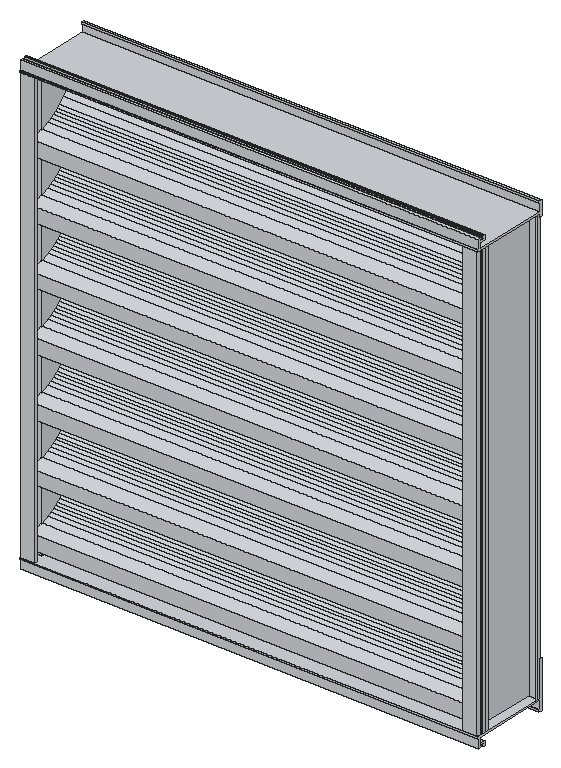
Revit family "EL-6", category Mechanical Equipment, Revit 2015
Parameters
  URL = "http://unitedenertech.com/catalog/pdf/A_9%20EL-6.pdf"
  Type Comments = "Max. Single Section Size is (120\"w  x  84\"h) or (84\"w  x  120\"h)"
  Model = "EL-6"
  Manufacturer = "United Enertech Corporation"
  Exact Width = 3' - 0"
  Exact Height = 3' - 0"
  Description = "6\" Deep \"J\" Blade Fixed Louver"
  Depth = 0' - 6.269"
  Blade Spacing = 0' - 4.63"
  Blade Number [instance] = rounddown((Exact Height - 0' 1 13/16") / 0' 4 161/256")  # 7
  BW [instance] = Exact Width - 0' 1 13/16"  # 2' - 10 3/16"
Reference planes (in)
  plane 1 "Center (Front/Back)": y = 0
  plane 2: z = 0
  plane 3 "Center (Left/Right)": x = 0
  plane 4: x = -18
  plane 5: x = 18
  plane 6: z = 36
  plane 7: x = -17.094
  plane 8: x = 17.094
  plane 9: z = 0.907
  plane 10: z = 35.093
  plane 11: y = 6.269
  plane 12: z = 34.16652
Forms (in)
  Extrusion 1, solid
    sketch origin (29.61694, -16.9422, 0) x (1, 0, 0) y (0, 1, 0)
      loop
        line (-46.44794, 16.96955) -> (-46.44794, 17.09455) -> (-46.71094, 17.09455) -> (-46.71094, 17.20155) -> (-46.83594, 17.20155) -> (-46.83594, 17.09455) -> (-47.25494, 17.09455) -> (-47.25494, 17.59455) -> (-47.42394, 17.59455) -> (-47.42394, 17.92855) -> (-46.71094, 17.92855) -> (-46.71094, 22.92555) -> (-46.44794, 22.92555) -> (-46.44794, 23.05055) -> (-47.61694, 23.05055) -> (-47.61694, 22.81855) -> (-47.49194, 22.81855) -> (-47.49194, 22.92555) -> (-46.83594, 22.92555) -> (-46.83594, 18.05355) -> (-47.54894, 18.05355) -> (-47.54894, 17.59455) -> (-47.61694, 17.59455) -> (-47.61694, 17.46955) -> (-47.54894, 17.46955) -> (-47.54894, 17.40855) -> (-47.46794, 17.40855) -> (-47.46794, 17.46955) -> (-47.37994, 17.46955) -> (-47.37994, 17.09455) -> (-47.46794, 17.09455) -> (-47.46794, 17.18555) -> (-47.54894, 17.18555) -> (-47.54894, 16.96955) -> (-46.44794, 16.96955)
    from 0.907 to 35.093
  Extrusion 2, solid
    sketch origin (-29.61694, -16.9422, 0) x (-1, 0, 0) y (0, -1, 0)
      loop
        line (-46.44794, -16.96955) -> (-47.54894, -16.96955) -> (-47.54894, -17.18555) -> (-47.46794, -17.18555) -> (-47.46794, -17.09455) -> (-47.37994, -17.09455) -> (-47.37994, -17.46955) -> (-47.46794, -17.46955) -> (-47.46794, -17.40855) -> (-47.54894, -17.40855) -> (-47.54894, -17.46955) -> (-47.61694, -17.46955) -> (-47.61694, -17.59455) -> (-47.54894, -17.59455) -> (-47.54894, -18.05355) -> (-46.83594, -18.05355) -> (-46.83594, -22.92555) -> (-47.49194, -22.92555) -> (-47.49194, -22.81855) -> (-47.61694, -22.81855) -> (-47.61694, -23.05055) -> (-46.44794, -23.05055) -> (-46.44794, -22.92555) -> (-46.71094, -22.92555) -> (-46.71094, -17.92855) -> (-47.42394, -17.92855) -> (-47.42394, -17.59455) -> (-47.25494, -17.59455) -> (-47.25494, -17.09455) -> (-46.83594, -17.09455) -> (-46.83594, -17.20155) -> (-46.71094, -17.20155) -> (-46.71094, -17.09455) -> (-46.44794, -17.09455) -> (-46.44794, -16.96955)
    from 0.907 to 35.093
  Extrusion 3, solid
    sketch origin (-36.98244, 47.61694, -26.43302) x (0, 1, 0) y (0, 0, 1)
      loop
        line (-47.61694, 27.21502) -> (-47.55394, 27.21502) -> (-47.55394, 26.50202) -> (-47.33794, 26.50202) -> (-47.33794, 26.58302) -> (-47.45094, 26.58302) -> (-47.45094, 26.67102) -> (-47.05394, 26.67102) -> (-47.05394, 26.58302) -> (-47.11494, 26.58302) -> (-47.11494, 26.50202) -> (-47.05394, 26.50202) -> (-47.05394, 26.43302) -> (-46.97294, 26.43302) -> (-46.97294, 26.79602) -> (-47.45094, 26.79602) -> (-47.45094, 27.21502) -> (-41.47294, 27.21502) -> (-41.47294, 26.55802) -> (-41.57994, 26.55802) -> (-41.57994, 26.43302) -> (-41.34794, 26.43302) -> (-41.34794, 30.14002) -> (-41.47294, 30.14002) -> (-41.47294, 27.34002) -> (-47.61694, 27.34002) -> (-47.61694, 27.21502)
    from 18.98244 to 54.98244
  Extrusion 4, solid
    sketch origin (0, -3.30312, -3.21641) x (0, 1, 0) y (0, 0, 1)
      loop
        line (9.34012, 39.21641) -> (9.34012, 39.09141) -> (9.44712, 39.09141) -> (9.44712, 38.43441) -> (3.46912, 38.43441) -> (3.46912, 38.85341) -> (3.94712, 38.85341) -> (3.94712, 39.21641) -> (3.86612, 39.21641) -> (3.86612, 39.14741) -> (3.80512, 39.14741) -> (3.80512, 39.06641) -> (3.86612, 39.06641) -> (3.86612, 38.97841) -> (3.46912, 38.97841) -> (3.46912, 39.06641) -> (3.58212, 39.06641) -> (3.58212, 39.14741) -> (3.36612, 39.14741) -> (3.36612, 38.43441) -> (3.30312, 38.43441) -> (3.30312, 38.30941) -> (9.44712, 38.30941) -> (9.44712, 38.05941) -> (9.57212, 38.05941) -> (9.57212, 39.21641) -> (9.34012, 39.21641)
    from -18 to 18
Dimensions and locks (in)
  equal spacing: plane 4, plane 3 "Center (Left/Right)", plane 5
  "Exact Width": plane 4 to plane 5
  "Exact Height": plane 6 to level
  locked: plane 4 to plane 7 at 0.906
  locked: plane 8 to plane 5 at 0.906
  locked: plane 9 to level at 0.907
  locked: plane 6 to plane 10 at 0.907
  "Depth": plane 1 "Center (Front/Back)" to plane 11
  locked: plane 6 to plane 12 at 1.83348
  equal spacing: group 1, group 2, group 3, group 4, group 5, group 6, group 7  (x2)
  equal spacing: group 7, group 6, group 5, group 4, group 3, group 2, group 1
  "Blade Spacing": nested 2 to nested 1
  aligned and locked: level to plane 2
  aligned and locked: Extrusion 3 to level
  aligned and locked: Extrusion 3 to plane 5
  aligned and locked: plane 4 to Extrusion 3
  aligned and locked: Extrusion 1 to plane 9
  aligned and locked: Extrusion 2 to plane 9
  aligned and locked: plane 10 to Extrusion 1
  aligned and locked: plane 10 to Extrusion 2
  aligned and locked: Extrusion 4 to plane 5
  aligned and locked: plane 4 to Extrusion 4
  aligned and locked: plane 3 "Center (Left/Right)" to nested 1
  aligned and locked: Extrusion 4 to plane 10
  aligned and locked: plane 12 to nested 1
  aligned and locked: nested 2 to nested 1
Automatic sketch dimensions
  Extrusion 1 sketch curve to plane 4 = 0' - 0"  (x2)
  Extrusion 1 sketch curve to Extrusion 1 sketch curve = 0' - 0.068"  (x2)
  Extrusion 1 sketch curve to plane 1 "Center (Front/Back)" = 0' - 0 7/256"
  Extrusion 1 sketch curve to plane 4 = 0' - 0.068"
  Extrusion 1 sketch curve to plane 4 = 0' - 0 1/8"
  Extrusion 1 sketch curve to Extrusion 1 sketch curve = 0' - 0.081"  (x2)
  Extrusion 1 sketch curve to Extrusion 1 sketch curve = 0' - 0 1/8"  (x8)
  Extrusion 1 sketch curve to Extrusion 1 sketch curve = 0' - 0.088"
  Extrusion 1 sketch curve to Extrusion 1 sketch curve = 0' - 0.419"
  Extrusion 1 sketch curve to Extrusion 1 sketch curve = 0' - 0.656"
  Extrusion 1 sketch curve to Extrusion 1 sketch curve = 0' - 0.263"  (x2)
  Extrusion 1 sketch curve to plane 1 "Center (Front/Back)" = 0' - 0 39/256"  (x2)
  Extrusion 1 sketch curve to Extrusion 1 sketch curve = 0' - 0"  (x2)
  Extrusion 1 sketch curve to Extrusion 1 sketch curve = 0' - 0.091"
  Extrusion 1 sketch curve to Extrusion 1 sketch curve = 0' - 0.107"  (x2)
  Extrusion 1 sketch curve to Extrusion 1 sketch curve = 0' - 0.223"
  Extrusion 1 sketch curve to Extrusion 1 sketch curve = 0' - 0.061"  (x2)
  Extrusion 1 sketch curve to Extrusion 1 sketch curve = 0' - 0.334"
  Extrusion 1 sketch curve to Extrusion 1 sketch curve = 0' - 4.765"
  Extrusion 2 sketch curve to plane 5 = 0' - 0"  (x2)
  Extrusion 2 sketch curve to Extrusion 2 sketch curve = 0' - 0.068"  (x2)
  plane 1 "Center (Front/Back)" to Extrusion 2 sketch curve = 0' - 0 7/256"
  Extrusion 2 sketch curve to plane 5 = 0' - 0.068"
  Extrusion 2 sketch curve to plane 5 = 0' - 0 1/8"
  Extrusion 2 sketch curve to Extrusion 2 sketch curve = 0' - 0.081"  (x2)
  Extrusion 2 sketch curve to Extrusion 2 sketch curve = 0' - 0 1/8"  (x8)
  Extrusion 2 sketch curve to Extrusion 2 sketch curve = 0' - 0.088"
  Extrusion 2 sketch curve to Extrusion 2 sketch curve = 0' - 0.419"
  Extrusion 2 sketch curve to Extrusion 2 sketch curve = 0' - 0.656"
  Extrusion 2 sketch curve to Extrusion 2 sketch curve = 0' - 0.263"  (x2)
  plane 1 "Center (Front/Back)" to Extrusion 2 sketch curve = 0' - 0 39/256"  (x2)
  Extrusion 2 sketch curve to Extrusion 2 sketch curve = 0' - 0"  (x2)
  Extrusion 2 sketch curve to Extrusion 2 sketch curve = 0' - 0.091"
  Extrusion 2 sketch curve to Extrusion 2 sketch curve = 0' - 0.107"  (x2)
  Extrusion 2 sketch curve to Extrusion 2 sketch curve = 0' - 0.223"
  Extrusion 2 sketch curve to Extrusion 2 sketch curve = 0' - 0.061"  (x2)
  Extrusion 2 sketch curve to Extrusion 2 sketch curve = 0' - 0.334"
  Extrusion 2 sketch curve to Extrusion 2 sketch curve = 0' - 4.765"
  Extrusion 3 sketch curve to plane 1 "Center (Front/Back)" = 0' - 0"
  Extrusion 3 sketch curve to Extrusion 3 sketch curve = 0' - 0.063"
  Extrusion 3 sketch curve to Extrusion 3 sketch curve = 0' - 0.103"
  Extrusion 3 sketch curve to Extrusion 3 sketch curve = 0' - 0"  (x4)
  Extrusion 3 sketch curve to Extrusion 3 sketch curve = 0' - 0.113"
  Extrusion 3 sketch curve to Extrusion 3 sketch curve = 0' - 0.223"
  Extrusion 3 sketch curve to Extrusion 3 sketch curve = 0' - 0.061"  (x2)
  Extrusion 3 sketch curve to Extrusion 3 sketch curve = 0' - 0.081"  (x3)
  Extrusion 3 sketch curve to Extrusion 3 sketch curve = 0' - 5.393"
  Extrusion 3 sketch curve to Extrusion 3 sketch curve = 0' - 0.107"
  Extrusion 3 sketch curve to Extrusion 3 sketch curve = 0' - 0 1/8"  (x4)
  level to Extrusion 3 sketch curve = 0' - 0"  (x2)
  Extrusion 3 sketch curve to Extrusion 3 sketch curve = 0' - 0.069"
  Extrusion 3 sketch curve to Extrusion 3 sketch curve = 0' - 0.088"
  Extrusion 3 sketch curve to Extrusion 3 sketch curve = 0' - 0.419"
  Extrusion 3 sketch curve to Extrusion 3 sketch curve = 0' - 2.8"
  plane 6 to Extrusion 4 sketch curve = 0' - 0"
  Extrusion 4 sketch curve to plane 1 "Center (Front/Back)" = 0' - 6.269"
  Extrusion 4 sketch curve to Extrusion 4 sketch curve = 0' - 0.232"
  Extrusion 4 sketch curve to Extrusion 4 sketch curve = 0' - 1.157"
  Extrusion 4 sketch curve to Extrusion 4 sketch curve = 0' - 0 1/8"  (x4)
  Extrusion 4 sketch curve to Extrusion 4 sketch curve = 0' - 0 1/4"
  Extrusion 4 sketch curve to Extrusion 4 sketch curve = 0' - 0.107"
  Extrusion 4 sketch curve to plane 1 "Center (Front/Back)" = 0' - 0.166"
  Extrusion 4 sketch curve to Extrusion 4 sketch curve = 0' - 0.166"
  Extrusion 4 sketch curve to Extrusion 4 sketch curve = 0' - 0.063"
  Extrusion 4 sketch curve to Extrusion 4 sketch curve = 0' - 0.713"
  Extrusion 4 sketch curve to Extrusion 4 sketch curve = 0' - 0.294"
  Extrusion 4 sketch curve to Extrusion 4 sketch curve = 0' - 0.478"
  Extrusion 4 sketch curve to Extrusion 4 sketch curve = 0' - 0.216"
  Extrusion 4 sketch curve to Extrusion 4 sketch curve = 0' - 0.081"  (x3)
  Extrusion 4 sketch curve to Extrusion 4 sketch curve = 0' - 0.113"
  Extrusion 4 sketch curve to Extrusion 4 sketch curve = 0' - 0.088"  (x2)
  Extrusion 4 sketch curve to Extrusion 4 sketch curve = 0' - 0.061"  (x2)
  Extrusion 4 sketch curve to Extrusion 4 sketch curve = 0' - 0.069"
Nested families (in)
  nested 1: "EL-6 Blade" at (0, -1.639, 26.27757), type "EL-6 Blade"
    with Blade Width 2' - 10 3/16"
  nested 2: "EL-6 Blade" at (0, -1.639, 21.64757), type "EL-6 Blade"
    with Blade Width 2' - 10 3/16"
  nested 3: "EL-6 Blade" at (0, -1.639, 17.01757), type "EL-6 Blade"
    with Blade Width 2' - 10 3/16"
  nested 4: "EL-6 Blade" at (0, -1.639, 12.38757), type "EL-6 Blade"
    with Blade Width 2' - 10 3/16"
  nested 5: "EL-6 Blade" at (0, -1.639, 7.75757), type "EL-6 Blade"
    with Blade Width 2' - 10 3/16"
  nested 6: "EL-6 Blade" at (0, -1.639, 3.12757), type "EL-6 Blade"
    with Blade Width 2' - 10 3/16"
  nested 7: "EL-6 Blade" at (0, -1.639, -1.50243), type "EL-6 Blade"
    with Blade Width 2' - 10 3/16"
Definition of nested family "EL-6 Blade"
  Parameters (values of type "EL-6 Blade")
    Blade Width = 1' - 6"
  Reference planes (in)
    plane 1 "Center (Front/Back)": y = 0
    plane 2: z = 0
    plane 3 "Center (Left/Right)": x = 0
    plane 4: x = -9
    plane 5: x = 9
  Forms (in)
    Extrusion 1, solid
      sketch origin (24.38826, -25.71089, -7.67737) x (0, 1, 0) y (0, 0, 1)
        loop
          line (27.50223, 10.86194) -> (27.58323, 10.86194) -> (27.58323, 11.88837) -> (29.02653, 12.57097) -> (29.27535, 12.69919) -> (29.54807, 12.86595) -> (29.81861, 13.06253) -> (30.01267, 13.22597) -> (30.29077, 13.49641) -> (30.56059, 13.76871) -> (30.98862, 14.20067) -> (31.39697, 14.61277) -> (31.70189, 14.92049) -> (32.02022, 15.24173) -> (32.26047, 15.48532) -> (33.27429, 15.48532) -> (33.27429, 16.4928) -> (32.79616, 16.19402) -> (32.83907, 16.12535) -> (33.19329, 16.34614) -> (33.19329, 15.56632) -> (32.187, 15.56632) -> (30.41712, 13.7802) -> (30.03417, 13.39578) -> (29.83058, 13.21394) -> (29.67047, 13.08725) -> (29.46423, 12.94238) -> (29.20442, 12.78562) -> (28.90703, 12.63614) -> (28.37327, 12.3837) -> (27.50223, 11.97174) -> (27.50223, 10.86194)
      from -33.38826 to -15.38826
  Dimensions and locks (in)
    equal spacing: plane 4, plane 3 "Center (Left/Right)", plane 5
    "Blade Width": plane 4 to plane 5
    aligned and locked: level to plane 2
    aligned and locked: plane 4 to Extrusion 1
    aligned and locked: Extrusion 1 to plane 5
  Automatic sketch dimensions
    level to Extrusion 1 sketch curve = 0' - 3.18457"
    Extrusion 1 sketch curve to plane 1 "Center (Front/Back)" = 0' - 1.79134"
    Extrusion 1 sketch curve to Extrusion 1 sketch curve = 0' - 0.081"  (x3)
    level to Extrusion 1 sketch curve = 0' - 4.70633"
    Extrusion 1 sketch curve to Extrusion 1 sketch curve = 0' - 0.79004"
    level to Extrusion 1 sketch curve = 0' - 4.95877"
    Extrusion 1 sketch curve to Extrusion 1 sketch curve = 0' - 0.53376"
    level to Extrusion 1 sketch curve = 0' - 4.8936"
    Extrusion 1 sketch curve to Extrusion 1 sketch curve = 0' - 0.1195"
    level to Extrusion 1 sketch curve = 0' - 5.10825"
    Extrusion 1 sketch curve to Extrusion 1 sketch curve = 0' - 0.17789"
    level to Extrusion 1 sketch curve = 0' - 5.02182"
    Extrusion 1 sketch curve to Extrusion 1 sketch curve = 0' - 0.07092"
    level to Extrusion 1 sketch curve = 0' - 5.26501"
    Extrusion 1 sketch curve to Extrusion 1 sketch curve = 0' - 0.25981"
    level to Extrusion 1 sketch curve = 0' - 5.18858"
    Extrusion 1 sketch curve to Extrusion 1 sketch curve = 0' - 0.08383"
    level to Extrusion 1 sketch curve = 0' - 5.40988"
    Extrusion 1 sketch curve to Extrusion 1 sketch curve = 0' - 0.20623"
    level to Extrusion 1 sketch curve = 0' - 5.38516"
    Extrusion 1 sketch curve to Extrusion 1 sketch curve = 0' - 0.14814"
    level to Extrusion 1 sketch curve = 0' - 5.53657"
    Extrusion 1 sketch curve to Extrusion 1 sketch curve = 0' - 0.01198"
    level to Extrusion 1 sketch curve = 0' - 5.5486"
    Extrusion 1 sketch curve to Extrusion 1 sketch curve = 0' - 0.18208"
    level to Extrusion 1 sketch curve = 0' - 5.71841"
    Extrusion 1 sketch curve to Extrusion 1 sketch curve = 0' - 0.0215"
    level to Extrusion 1 sketch curve = 0' - 5.81904"
    Extrusion 1 sketch curve to Extrusion 1 sketch curve = 0' - 0.2566"
    level to Extrusion 1 sketch curve = 0' - 6.10283"
    Extrusion 1 sketch curve to Extrusion 1 sketch curve = 0' - 0.12635"
    level to Extrusion 1 sketch curve = 0' - 6.09134"
    Extrusion 1 sketch curve to Extrusion 1 sketch curve = 0' - 0.14347"
    level to Extrusion 1 sketch curve = 0' - 6.5233"
    Extrusion 1 sketch curve to Extrusion 1 sketch curve = 0' - 0.42803"
    level to Extrusion 1 sketch curve = 0' - 6.93539"
    Extrusion 1 sketch curve to Extrusion 1 sketch curve = 0' - 0.40835"
    level to Extrusion 1 sketch curve = 0' - 7.24312"
    Extrusion 1 sketch curve to Extrusion 1 sketch curve = 0' - 0.30492"
    level to Extrusion 1 sketch curve = 0' - 7.56436"
    Extrusion 1 sketch curve to Extrusion 1 sketch curve = 0' - 0.31832"
    Extrusion 1 sketch curve to Extrusion 1 sketch curve = 0' - 0.16678"
    Extrusion 1 sketch curve to Extrusion 1 sketch curve = 0' - 0.07347"
    Extrusion 1 sketch curve to Extrusion 1 sketch curve = 0' - 0.60916"
    level to Extrusion 1 sketch curve = 0' - 8.44798"
    Extrusion 1 sketch curve to Extrusion 1 sketch curve = 0' - 0.04291"
    Extrusion 1 sketch curve to Extrusion 1 sketch curve = 0' - 0.35422"
    Extrusion 1 sketch curve to Extrusion 1 sketch curve = 0' - 0.49533"
    Extrusion 1 sketch curve to Extrusion 1 sketch curve = 0' - 0.08337"
    Extrusion 1 sketch curve to Extrusion 1 sketch curve = 0' - 0.64002"
    Extrusion 1 sketch curve to Extrusion 1 sketch curve = 0' - 0.06867"
    Extrusion 1 sketch curve to Extrusion 1 sketch curve = 0' - 0.14666"
